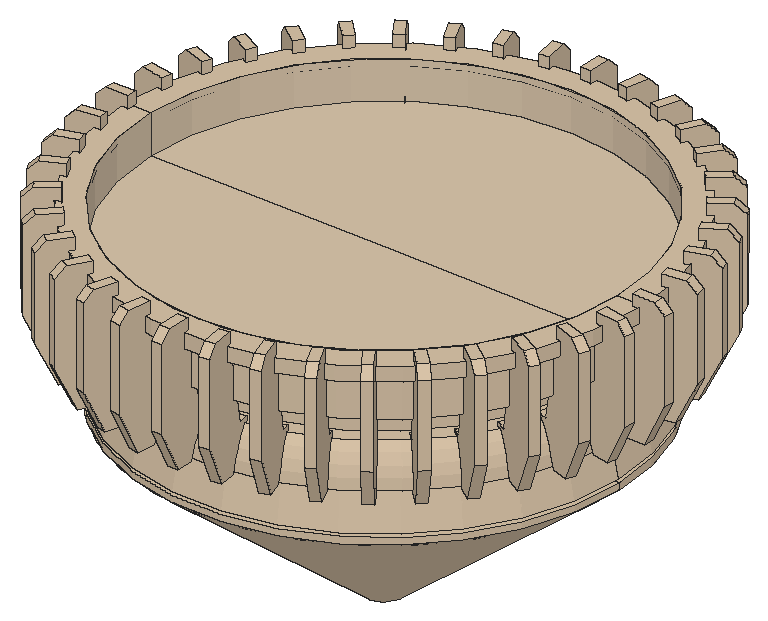
Revit family "KHL_Kemlux-Cone", category Lighting Fixtures, host Face, Revit 2021 (continued)
Definition of nested family "KHL"
  Automatic sketch dimensions
    Extrusion 39 sketch curve to Extrusion 39 sketch curve = 0' - 0.08345"
    Extrusion 40 sketch curve to Extrusion 40 sketch curve = 0' - 0 7/16"
    Extrusion 40 sketch curve to Extrusion 40 sketch curve = 0' - 0.13206"
    Extrusion 40 sketch curve to Extrusion 40 sketch curve = 0' - 0.295"
    Extrusion 40 sketch curve to Extrusion 40 sketch curve = 0' - 0.38321"
    Extrusion 40 sketch curve to Extrusion 40 sketch curve = 0' - 0.43044"
    Extrusion 40 sketch curve to Extrusion 40 sketch curve = 0' - 0.57179"
    Extrusion 40 sketch curve to Extrusion 40 sketch curve = 0' - 0 1/4"  (x2)
    Extrusion 40 sketch curve to Extrusion 40 sketch curve = 0' - 0.39395"
    Extrusion 40 sketch curve to Extrusion 40 sketch curve = 0' - 1.02515"
    Extrusion 40 sketch curve to Extrusion 40 sketch curve = 0' - 0.67103"
    Extrusion 40 sketch curve to Extrusion 40 sketch curve = 0' - 1.93305"
    Extrusion 40 sketch curve to Extrusion 40 sketch curve = 0' - 0.08345"
    Extrusion 41 sketch curve to Extrusion 41 sketch curve = 0' - 0 7/16"
    Extrusion 41 sketch curve to Extrusion 41 sketch curve = 0' - 0.13206"
    Extrusion 41 sketch curve to Extrusion 41 sketch curve = 0' - 0.295"
    Extrusion 41 sketch curve to Extrusion 41 sketch curve = 0' - 0.38321"
    Extrusion 41 sketch curve to Extrusion 41 sketch curve = 0' - 0.43044"
    Extrusion 41 sketch curve to Extrusion 41 sketch curve = 0' - 0.57179"
    Extrusion 41 sketch curve to Extrusion 41 sketch curve = 0' - 0 1/4"  (x2)
    Extrusion 41 sketch curve to Extrusion 41 sketch curve = 0' - 0.39395"
    Extrusion 41 sketch curve to Extrusion 41 sketch curve = 0' - 1.02515"
    Extrusion 41 sketch curve to Extrusion 41 sketch curve = 0' - 0.67103"
    Extrusion 41 sketch curve to Extrusion 41 sketch curve = 0' - 1.93305"
    Extrusion 41 sketch curve to Extrusion 41 sketch curve = 0' - 0.08345"
    Extrusion 42 sketch curve to Extrusion 42 sketch curve = 0' - 0 7/16"
    Extrusion 42 sketch curve to Extrusion 42 sketch curve = 0' - 0.13206"
    Extrusion 42 sketch curve to Extrusion 42 sketch curve = 0' - 0.295"
    Extrusion 42 sketch curve to Extrusion 42 sketch curve = 0' - 0.38321"
    Extrusion 42 sketch curve to Extrusion 42 sketch curve = 0' - 0.43044"
    Extrusion 42 sketch curve to Extrusion 42 sketch curve = 0' - 0.57179"
    Extrusion 42 sketch curve to Extrusion 42 sketch curve = 0' - 0 1/4"  (x2)
    Extrusion 42 sketch curve to Extrusion 42 sketch curve = 0' - 0.39395"
    Extrusion 42 sketch curve to Extrusion 42 sketch curve = 0' - 1.02515"
    Extrusion 42 sketch curve to Extrusion 42 sketch curve = 0' - 0.67103"
    Extrusion 42 sketch curve to Extrusion 42 sketch curve = 0' - 1.93305"
    Extrusion 42 sketch curve to Extrusion 42 sketch curve = 0' - 0.08345"
    Extrusion 43 sketch curve to Extrusion 43 sketch curve = 0' - 0 7/16"
    Extrusion 43 sketch curve to Extrusion 43 sketch curve = 0' - 0.13206"
    Extrusion 43 sketch curve to Extrusion 43 sketch curve = 0' - 0.295"
    Extrusion 43 sketch curve to Extrusion 43 sketch curve = 0' - 0.38321"
    Extrusion 43 sketch curve to Extrusion 43 sketch curve = 0' - 0.43044"
    Extrusion 43 sketch curve to Extrusion 43 sketch curve = 0' - 0.57179"
    Extrusion 43 sketch curve to Extrusion 43 sketch curve = 0' - 0 1/4"  (x2)
    Extrusion 43 sketch curve to Extrusion 43 sketch curve = 0' - 0.39395"
    Extrusion 43 sketch curve to Extrusion 43 sketch curve = 0' - 1.02515"
    Extrusion 43 sketch curve to Extrusion 43 sketch curve = 0' - 0.67103"
    Extrusion 43 sketch curve to Extrusion 43 sketch curve = 0' - 1.93305"
    Extrusion 43 sketch curve to Extrusion 43 sketch curve = 0' - 0.08345"
    Extrusion 1 sketch curve to Extrusion 1 sketch curve = 8' - 0"  (x2)
    curve 8 to plane 7 = 0' - 0.35927"
    level to curve 10 = 0' - 1 3/4"
    curve 1 to plane 3 "Center (Left/Right)" = 0' - 0"
    plane 7 to curve 5 = 0' - 0"
    curve 11 to plane 7 = 0' - 0.35927"
    curve 2 to plane 7 = 0' - 0.45302"
    curve 8 to curve 8 = 0' - 0.39073"
    curve 2 to curve 4 = 0' - 0.39073"
    curve 4 to curve 4 = 0' - 0 1/4"
    plane 7 to curve 10 = 0' - 0.75471"
    plane 7 to curve 7 = 0' - 0.72501"
    plane 7 to curve 11 = 0' - 0.6022"
    plane 7 to curve 12 = 0' - 0.39176"
    plane 5 to curve 12 = 0' - 0.25875"
    curve 9 to curve 9 = 0' - 1"
    curve 7 to curve 6 = 0' - 0.62254"
    curve 5 to curve 2 = 0' - 0.37746"
    Revolve 2 sketch curve to level = 0' - 0"
    Revolve 2 sketch curve to plane 3 "Center (Left/Right)" = 0' - 0"  (x2)
    plane 7 to Revolve 2 sketch curve = 0' - 0"  (x2)
    level to Revolve 2 sketch curve = 0' - 0.16729"
    Revolve 2 sketch curve to plane 7 = 0' - 0.23742"
    Revolve 2 sketch curve to Revolve 2 sketch curve = 0' - 0.39032"
    Revolve 2 sketch curve to plane 7 = 0' - 0.45302"
    Revolve 2 sketch curve to Revolve 2 sketch curve = 0' - 0.49031"
    Revolve 2 sketch curve to Revolve 2 sketch curve = 0' - 0.00969"
    Revolve 2 sketch curve to Revolve 2 sketch curve = 0' - 0.51192"
    Revolve 2 sketch curve to Revolve 2 sketch curve = 0' - 0.39073"
    Revolve 2 sketch curve to Revolve 2 sketch curve = 0' - 0 1/4"
    plane 7 to Revolve 2 sketch curve = 0' - 0.70329"
    Revolve 2 sketch curve to Revolve 2 sketch curve = 0' - 0.08271"
    Revolve 2 sketch curve to Revolve 2 sketch curve = 0' - 1 1/8"
    Revolve 2 sketch curve to Revolve 2 sketch curve = 0' - 0.72893"
    Revolve 2 sketch curve to Revolve 2 sketch curve = 0' - 0.37746"
    Revolve 2 sketch curve to Revolve 2 sketch curve = 0' - 0.62007"
    Revolve 2 sketch curve to Revolve 2 sketch curve = 0' - 0.3497"
    Revolve 2 sketch curve to Revolve 2 sketch curve = 0' - 5 13/16"
    level to curve 6 = 0' - 5.37007"
    curve 4 to curve 12 = 0' - 0.3497"
    curve 4 to curve 2 = 0' - 0.55259"
    curve 12 to curve 3 = 0' - 0.2029"
    Revolve 2 sketch curve to Revolve 2 sketch curve = 0' - 3 3/4"
Types (10): name | Wattage Comments | Wattage | Watt | Photometric Web File | Optics | built-in parameter 1150105 | Lumens | Lamp | built-in parameter 1150106 | built-in parameter 1150104 | Apparent Load
  (no name) | "43 Watts, 18 LEDs" | 43 W | 43 W | "KXL-18L-X-5K-5M.ies" | "Type V Square" | 345.6 (stored number, unit not read) | 4343 lm | "18 High Performanc LEDs" | 3.456 (stored number, unit not read) | 9.3832 (stored number, unit not read) | 43 VA
  KHL-18L-X-5K-5M | "43 Watts, 18 LEDs" | 43 W | 43 W | "KXL-18L-X-5K-5M.ies" | "Type V Square" | 345.6 (stored number, unit not read) | 4343 lm | "18 High Performanc LEDs" | 3.456 (stored number, unit not read) | 9.3832 (stored number, unit not read) | 43 VA
  KHL-18L-X-5K-5R | "43 Watts, 18 LEDs" | 43 W | 43 W | "KXL-18L-X-5K-5R.ies" | "Type V Rectangle" | 349.03 (stored number, unit not read) | 4386 lm | "18 High Performanc LEDs" | 3.4903 (stored number, unit not read) | 9.4761 (stored number, unit not read) | 43 VA
  KHL-18L-X-5K-N | "43 Watts, 18 LEDs" | 43 W | 43 W | "KXL-18L-X-5K-N.ies" | "Narrow" | 352.45 (stored number, unit not read) | 4429 lm | "18 High Performanc LEDs" | 3.5245 (stored number, unit not read) | 9.569 (stored number, unit not read) | 43 VA
  KHL-24L-X-5K-5M | "57 Watts, 24 LEDs" | 57 W | 57 W | "KXL-24L-X-5K-5M.ies" | "Type V Square" | 1765.2 (stored number, unit not read) | 5700 lm | "24 High Performanc LEDs" | 17.652 (stored number, unit not read) | 9.2903 (stored number, unit not read) | 57 VA
  KHL-24L-X-5K-5R | "57 Watts, 24 LEDs" | 57 W | 57 W | "KXL-24L-X-5K-5R.ies" | "Type V Rectangle" | 467.2 (stored number, unit not read) | 5871 lm | "24 High Performanc LEDs" | 4.672 (stored number, unit not read) | 9.569 (stored number, unit not read) | 57 VA
  KHL-24L-X-5K-N | "57 Watts, 24 LEDs" | 57 W | 57 W | "KXL-24L-X-5K-N.ies" | "Narrow" | 476.27 (stored number, unit not read) | 5985 lm | "24 High Performanc LEDs" | 4.7627 (stored number, unit not read) | 9.7548 (stored number, unit not read) | 57 VA
  KHL-36L-X-5K-5M | "86 Watts, 36 LEDs" | 86 W | 86 W | "KXL-36L-X-5K-5M.ies" | "Type V Square" | 677.52 (stored number, unit not read) | 8514 lm | "36 High Performanc LEDs" | 6.7752 (stored number, unit not read) | 9.1974 (stored number, unit not read) | 86 VA
  KHL-36L-X-5K-5R | "86 Watts, 36 LEDs" | 86 W | 86 W | "KXL-36L-X-5K-5R.ies" | "Type V Rectangle" | 698.05 (stored number, unit not read) | 8772 lm | "36 High Performanc LEDs" | 6.9805 (stored number, unit not read) | 9.4761 (stored number, unit not read) | 86 VA
  KHL-36L-X-5K-N | "86 Watts, 36 LEDs" | 86 W | 86 W | "KXL-36L-X-5K-N.ies" | "Type V Rectangle" | 718.58 (stored number, unit not read) | 9030 lm | "36 High Performanc LEDs" | 7.1858 (stored number, unit not read) | 9.7548 (stored number, unit not read) | 86 VA
